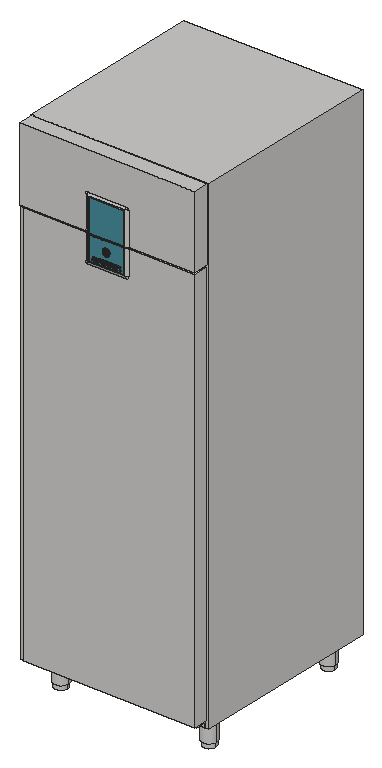
Revit family "QF_ALPENINOX_728645_CTE71FRR", category Specialty Equipment, Revit 2018
Family settings
  Round Connector Dimension = Use Diameter
  Part Type = Normal
  Work Plane-Based = No
  Always vertical = Yes
  Cut with Voids When Loaded = No
  Shared = No
  Room Calculation Point = No
Parameters
  Width [instance] = 710 mm
  Weight = 0.00 kg
  Watts = 12.0774 W
  Volts = 220 V
  URL Manufacturer = "http://www.alpeninox.com"
  URL = "http://www.alpeninox.com"
  Steam Supply Size = 0 mm
  Steam Supply Minimum Pressure = 0.0 Pa
  Steam Supply Maximum Pressure = 0.0 Pa
  Steam Pounds per Hour = 0
  Refrigeration Suction Line Size = 0 mm
  Refrigeration Liquid Line Size = 0 mm
  Refrigerant Compressor Remote = yes
  Manufacturer = "Alpeninox"
  Phase = 1
  Model = "CTE71FRR"
  Length Actual = 710 mm  # constant formula
  Item Number = "728645"
  Hot Water Size = 0 mm
  Height Actual = 2050 mm  # constant formula
  Height [instance] = 2050 mm
  HP = "0.2 HP"
  Gas Size = 0 mm
  Gas KW = 0
  Gas Input Pressure = 0 W
  Description = "1-DOOR REFRIG 670L -2/+10°C,DIGITAL,REM"
  Depth Actual = 835 mm  # constant formula
  Depth [instance] = 835 mm
  Cycle = 60 Hz
  Condensate Return Size = 0 mm
  Compressed Air Volume = 0.0 L/s
  Compressed Air Size = 0 mm
  Compressed Air Pressure = 0.0 Pa
  Cold Water Size = 0 mm
  Accessory = yes
Reference planes
  plane 1 "Center (Front/Back)": y = 0
  plane 2: z = 0
  plane 3 "Center (Left/Right)": x = 0
  plane 4 "BASE": z = 110
  plane 5 "TOP": z = 2050
  plane 6 "FRONT": y = -417.5
  plane 7 "BACK": y = 417.5
  plane 8 "LEFT": x = -355
  plane 9 "RIGHT": x = 355
Forms (mm)
  Extrusion 1, solid, material "QF_Finishes_Stainless Steel"
    sketch origin (0, 0, 0) x (1, 0, 0) y (0, 1, 0)
      loop
        circle (-278, 344.5) r 25
      loop
        circle (278, 344.5) r 25
      loop
        circle (-295, -269.5) r 25
      loop
        circle (295, -269.5) r 25
    from 0 to 20
  Extrusion 2, solid, material "QF_Finishes_Stainless Steel"
    sketch origin (0, 0, 0) x (1, 0, 0) y (0, 1, 0)
      loop
        circle (-278, 344.5) r 30
      loop
        circle (278, 344.5) r 30
      loop
        circle (295, -269.5) r 30
      loop
        circle (-295, -269.5) r 30
    from 20 to 110
  Extrusion 3, solid, material "QF_Finishes_Stainless Steel"
    sketch origin (0, 0, 110) x (-1, 0, 0) y (0, -1, 0)
      loop
        line (355, -417.5) -> (355, 345.5) -> (-355, 345.5) -> (-355, -417.5) -> (355, -417.5)
    from 0 to 1940
  Extrusion 4, solid
    sketch origin (0, 417.5, 1660) x (-1, 0, 0) y (0, 0, 1)
      loop
        circle (339, 124) r 10
    from 0 to 3.2
  Extrusion 5, solid, material "QF_Door-Drawer Clearances", detail levels coarse
    sketch origin (0, 0, 110) x (-1, 0, 0) y (0, -1, 0)
      loop
        line (-347, 409.5) -> (-283, 409.5) -> (-283, 1006.5) -> (-301, 1006.5) -> (-301, 1024.5) -> (-323, 1024.5) -> (-323, 1062.5) -> (-347, 1062.5) -> (-347, 409.5)
    from 1642.965 to 28
  Extrusion 6, solid, material "QF_Door-Drawer Clearances", detail levels coarse
    sketch origin (0, 0, 110) x (-1, 0, 0) y (0, -1, 0)
      loop
        line (-283, 409.5) -> (347, 409.5)
        arc (347, 409.5) -> (150.684, 878.295) -> (-323, 1062.5) r 650
        line (-323, 1062.5) -> (-323, 1024.5) -> (-301, 1024.5) -> (-301, 1006.5) -> (-283, 1006.5) -> (-283, 409.5)
    from 1642.965 to 28
  Extrusion 7, solid, material "QF_Clearances", detail levels coarse
    sketch origin (0, 0, 110) x (-1, 0, 0) y (0, -1, 0)
      loop
        line (355, 417.5) -> (355, -417.5) -> (-355, -417.5) -> (-355, 417.5) -> (-375, 417.5) -> (-375, -447.5) -> (375, -447.5) -> (375, 417.5) -> (355, 417.5)
    from -110 to 1940
  Extrusion 8, solid, material "QF_Clearances", detail levels coarse
    sketch origin (0, 0, 2050) x (-1, 0, 0) y (0, -1, 0)
      loop
        line (375, -447.5) -> (375, 417.5) -> (-375, 417.5) -> (-375, -447.5) -> (375, -447.5)
    from 0 to 500
  Extrusion 9, void
    sketch origin (0, 417.5, 0) x (-1, 0, 0) y (0, 0, 1)
      loop
        line (289.366, 1724.965) -> (-280, 1724.965) -> (-280, 180) -> (0, 170) -> (289.366, 180) -> (289.366, 1724.965)
    from -56 to -763
  Extrusion 10, solid, material "QF_Finishes_Stainless Steel"
    sketch origin (0, 0, 110) x (-1, 0, 0) y (0, -1, 0)
      loop
        circle (0, 254.5) r 7.938
    from 0 to -10
  Extrusion 11, solid, material "QF_Finishes_Stainless Steel"
    sketch origin (0, 0, 2050) x (-1, 0, 0) y (0, -1, 0)
      loop
        circle (245, 89.5) r 4.75
    from -33.544 to -89.131
  Extrusion 12, solid, material "QF_Finishes_Stainless Steel"
    sketch origin (539, -376, 0) x (0, -1, 0) y (0, 0, 1)
      loop
        circle (-187.5, 1960.869) r 3
    from 745 to 686.028
Cuts and joins
  joined: Extrusion 7, Extrusion 8
  Extrusion 9 cuts Extrusion 3
Lines and regions (mm)
  symbolic lines, style "SpecialityEquipmentHiddenLines"
    curve 1: line (347, -409.5, 110) -> (347, -1062.5, 110)
    curve 2: line (347, -1062.5, 110) -> (323, -1062.5, 110)
    curve 3: line (283, -409.5, 110) -> (283, -1006.5, 110)
    curve 4: line (323, -1062.5, 110) -> (323, -1024.5, 110)
    curve 5: line (323, -1024.5, 110) -> (301, -1024.5, 110)
    curve 6: line (301, -1024.5, 110) -> (301, -1006.5, 110)
    curve 7: line (301, -1006.5, 110) -> (283, -1006.5, 110)
    curve 8: arc (-347, -409.5, 110) -> (-150.684, -878.295, 110) -> (323, -1062.5, 110) r 650
  symbolic lines, style "QF_Clearances", detail levels coarse
    curve 9: line (-206, -417.5, 2050) -> (-375, -417.5, 2050)
    curve 10: line (-375, -417.5, 2050) -> (-375, 447.5, 2050)
    curve 11: line (-375, 447.5, 2050) -> (375, 447.5, 2050)
    curve 12: line (375, 447.5, 2050) -> (375, -417.5, 2050)
    curve 13: line (375, -417.5, 2050) -> (355, -417.5, 2050)
Dimensions and locks
  equal spacing: plane 7 "BACK", plane 1 "Center (Front/Back)", plane 6 "FRONT"
  equal spacing: plane 8 "LEFT", plane 3 "Center (Left/Right)", plane 9 "RIGHT"
  "Width": plane 8 "LEFT" to plane 9 "RIGHT"
  "Depth": plane 7 "BACK" to plane 6 "FRONT"
  "Height": plane 5 "TOP" to plane 2
  aligned and locked: level to plane 2
Automatic sketch dimensions
  Extrusion 3 sketch curve to plane 7 "BACK" = 0 mm
  Extrusion 3 sketch curve to plane 9 "RIGHT" = 0 mm
  Extrusion 3 sketch curve to plane 8 "LEFT" = 0 mm
  plane 8 "LEFT" to Extrusion 4 sketch curve = 16 mm
  plane 4 "BASE" to Extrusion 4 sketch curve = 1674 mm
  plane 9 "RIGHT" to curve 1 = 8 mm
  curve 1 to curve 2 = 24 mm
  plane 6 "FRONT" to curve 8 = 4.692 mm
  curve 7 to plane 6 "FRONT" = 589 mm
  curve 6 to curve 5 = 18 mm
  curve 4 to curve 2 = 38 mm
  plane 6 "FRONT" to curve 8 = 8 mm
  plane 6 "FRONT" to curve 1 = 8 mm
  plane 6 "FRONT" to curve 3 = 8 mm
  plane 9 "RIGHT" to Extrusion 5 sketch curve = 8 mm
  Extrusion 5 sketch curve to plane 6 "FRONT" = 589 mm
  Extrusion 5 sketch curve to Extrusion 5 sketch curve = 18 mm
  Extrusion 5 sketch curve to Extrusion 5 sketch curve = 38 mm
  plane 6 "FRONT" to Extrusion 5 sketch curve = 8 mm
  plane 6 "FRONT" to Extrusion 6 sketch curve = 4.692 mm
  Extrusion 6 sketch curve to Extrusion 6 sketch curve = 18 mm  (x2)
  Extrusion 6 sketch curve to Extrusion 6 sketch curve = 38 mm
  plane 8 "LEFT" to Extrusion 6 sketch curve = 8 mm
  plane 6 "FRONT" to Extrusion 6 sketch curve = 8 mm
  Extrusion 7 sketch curve to plane 6 "FRONT" = 0 mm  (x2)
  Extrusion 7 sketch curve to plane 7 "BACK" = 0 mm
  Extrusion 7 sketch curve to plane 9 "RIGHT" = 0 mm
  Extrusion 7 sketch curve to plane 8 "LEFT" = 0 mm
  Extrusion 7 sketch curve to plane 9 "RIGHT" = 20 mm
  Extrusion 7 sketch curve to plane 8 "LEFT" = 20 mm
  plane 7 "BACK" to Extrusion 7 sketch curve = 30 mm
  Extrusion 8 sketch curve to plane 6 "FRONT" = 0 mm
  Extrusion 8 sketch curve to plane 9 "RIGHT" = 20 mm
  Extrusion 8 sketch curve to plane 8 "LEFT" = 20 mm
  plane 7 "BACK" to Extrusion 8 sketch curve = 30 mm
  plane 8 "LEFT" to Extrusion 1 sketch curve = 60 mm
  plane 8 "LEFT" to Extrusion 1 sketch curve = 77 mm
  plane 9 "RIGHT" to Extrusion 1 sketch curve = 77 mm
  plane 9 "RIGHT" to Extrusion 1 sketch curve = 60 mm
  plane 6 "FRONT" to Extrusion 1 sketch curve = 148 mm  (x2)
  Extrusion 1 sketch curve to plane 7 "BACK" = 73 mm  (x2)
  plane 8 "LEFT" to Extrusion 2 sketch curve = 60 mm
  plane 8 "LEFT" to Extrusion 2 sketch curve = 77 mm
  plane 9 "RIGHT" to Extrusion 2 sketch curve = 77 mm
  plane 9 "RIGHT" to Extrusion 2 sketch curve = 60 mm
  plane 6 "FRONT" to Extrusion 2 sketch curve = 148 mm  (x2)
  Extrusion 2 sketch curve to plane 7 "BACK" = 73 mm  (x2)
  plane 6 "FRONT" to Extrusion 3 sketch curve = 72 mm
  curve 1 to curve 8 = 44.008 mm
  curve 4 to curve 5 = 22 mm
  curve 6 to curve 3 = 18 mm
  plane 9 "RIGHT" to Extrusion 5 sketch curve = 32 mm
  Extrusion 5 sketch curve to Extrusion 5 sketch curve = 22 mm
  Extrusion 5 sketch curve to Extrusion 5 sketch curve = 64 mm
  plane 9 "RIGHT" to Extrusion 6 sketch curve = 72 mm
  Extrusion 6 sketch curve to Extrusion 6 sketch curve = 19.992 mm
  Extrusion 6 sketch curve to Extrusion 6 sketch curve = 22 mm
  Extrusion 9 sketch curve to plane 3 "Center (Left/Right)" = 0 mm
  plane 8 "LEFT" to Extrusion 9 sketch curve = 65.634 mm
  plane 4 "BASE" to Extrusion 9 sketch curve = 60 mm
  Extrusion 9 sketch curve to plane 5 "TOP" = 325.035 mm
  plane 9 "RIGHT" to Extrusion 9 sketch curve = 75 mm
  plane 4 "BASE" to Extrusion 9 sketch curve = 70 mm  (x2)
  Extrusion 10 sketch curve to plane 3 "Center (Left/Right)" = 0 mm
  plane 6 "FRONT" to Extrusion 10 sketch curve = 163 mm
  plane 8 "LEFT" to Extrusion 11 sketch curve = 110 mm
  plane 1 "Center (Front/Back)" to Extrusion 11 sketch curve = 89.5 mm
  Extrusion 12 sketch curve to plane 5 "TOP" = 89.131 mm
  plane 1 "Center (Front/Back)" to Extrusion 12 sketch curve = 188.5 mm
  curve 12 to plane 6 "FRONT" = 0 mm
  curve 13 to plane 9 "RIGHT" = 0 mm
  curve 9 to plane 6 "FRONT" = 0 mm
  plane 8 "LEFT" to curve 9 = 149 mm
  curve 12 to plane 9 "RIGHT" = 20 mm
  curve 9 to curve 10 = 169 mm
  plane 7 "BACK" to curve 10 = 30 mm
  radius of Extrusion 1 sketch curve = 25 mm  (x4)
  radius of Extrusion 2 sketch curve = 30 mm  (x4)
  radius of Extrusion 4 sketch curve = 10 mm
  radius of Extrusion 10 sketch curve = 7.938 mm
  radius of Extrusion 11 sketch curve = 4.75 mm
  radius of Extrusion 12 sketch curve = 3 mm
Nested families
  nested 1: "QF_728645_DoorLeft" at (0, -345.5, 968.365) x (1, 0, 0) z (0, -1, 0), type "QF_728645_DoorLeft"
    with Show Clearance yes
  nested 2: "Refrigerator" at (355, -417.5, 2050), type "Refrigerator"
Connectors
  electrical at (-339, 420.7, 1784), driven by "Volts"
    settings: on Extrusion 4, index 2, voltage 220 V, apparent load 0 VA, apparent load phase1 0 VA, apparent load phase2 0 VA, apparent load phase3 0 VA, power factor 1, load classification "Other", number of poles 1, system type 30, power factor state 1, is connector primary yes, connector utility no, sub classification motor no, connector description "Electrical Connection"
  piping at (0, -254.5, 100), diameter 15.875
    settings: on Extrusion 10, index 3, connector inside diameter 609.6 mm, connector length 0 mm, flow factor 0, pipe flow 0.0 L/s, pressure drop 0.0 Pa, fitting loss kfactor 0, connector angle 0.00°, fixture units 0, engagement length 0 mm, angle of deflection 0.00°, flow configuration 1, flow direction 2, fitting loss method 0, system type 16, joint type 0, gender type 0, connector reference index -1, connector utility 0, adjustable connector no, is connector primary yes, connector description "Drain"
  piping at (-245, -89.5, 2016.456), diameter 9.5
    settings: on Extrusion 11, index 4, connector inside diameter 609.6 mm, connector length 0 mm, flow factor 0, pipe flow 0.0 L/s, pressure drop 0.0 Pa, fitting loss kfactor 0, connector angle 0.00°, fixture units 0, engagement length 0 mm, angle of deflection 0.00°, flow configuration 1, flow direction 2, fitting loss method 0, system type 8, joint type 0, gender type 0, connector reference index -1, connector utility 0, adjustable connector no, is connector primary no, connector description "Refrigerant Outlet"
  piping at (-206, -188.5, 1960.869), diameter 6
    settings: on Extrusion 12, index 5, connector inside diameter 609.6 mm, connector length 0 mm, flow factor 0, pipe flow 0.0 L/s, pressure drop 0.0 Pa, fitting loss kfactor 0, connector angle 0.00°, fixture units 0, engagement length 0 mm, angle of deflection 0.00°, flow configuration 1, flow direction 1, fitting loss method 0, system type 7, joint type 0, gender type 0, connector reference index -1, connector utility 0, adjustable connector no, is connector primary no, connector description "Refrigerant Inlet"
Definition of nested family "QF_728645_DoorLeft"
  Parameters
    Show Clearance [instance] = yes
    Model = "728646"
    Default Elevation = 1219.2 mm
  Reference planes
    plane 1 "Center (Front/Back)": y = 0
    plane 2: z = 0
    plane 3 "Center (Left/Right)": x = 0
  Forms (mm)
    Extrusion 1, solid
      sketch origin (0, -919.2, 0) x (1, 0, 0) y (0, 1, 0)
        loop
          line (-460, 2119.2) -> (-460, -162.846) -> (488.967, -162.846) -> (488.967, 2119.2) -> (-460, 2119.2)
      from 0 to -59.546
    Extrusion 2, solid
      sketch origin (0, 0, 0) x (1, 0, 0) y (0, 0, 1)
        loop
          line (-347, 64) -> (-347, 0) -> (347, 0) -> (347, 64) -> (-347, 64)
      from -1081.6 to -791.6
    Extrusion 3, solid
      sketch origin (0, 0, 0) x (1, 0, 0) y (0, 0, 1)
        loop
          line (-347, 60) -> (-347, 26) -> (-325, 26) -> (-325, 8) -> (-307, 8) -> (-307, 0) -> (339, 0) -> (339, 8) -> (347, 8) -> (347, 64) -> (-332, 64) -> (-347, 60)
      from -784.6 to 830.4
    Extrusion 4, solid
      sketch origin (119, -516.365, 0) x (0, 1, 0) y (0, 0, 1)
        loop
          line (-323.003, 40.312) -> (-316.501, 40.312) -> (-316.501, 42.812) -> (-325.503, 42.812) -> (-325.503, 2.5) -> (-342, 2.5) -> (-342, 0) -> (-323.003, 0) -> (-323.003, 12.259) -> (-323.003, 40.312)
        loop
          line (-314, 38.311) -> (-316.501, 38.311) -> (-316.501, 14.304) -> (-319.752, 14.304) -> (-319.752, 11.804) -> (-314, 11.804) -> (-314, 38.311)
      from 185 to 220
    Extrusion 5, solid
      sketch origin (119, 469.597, 0) x (0, 1, 0) y (0, 0, 1)
        loop
          line (315.003, 27.948) -> (315.003, 2.948) -> (315.003, 0) -> (322.003, 0) -> (322.003, 2.5) -> (317.503, 2.5) -> (317.503, 27.948) -> (315.003, 27.948)
      from 185 to 220
  Lines and regions (mm)
    symbolic lines
      curve 1: line (-347, 0, 64) -> (347, 0, 64)
      curve 2: line (-347, 0, 0) -> (-347, 0, 64)
      curve 3: line (347, 0, 0) -> (-347, 0, 0)
      curve 4: line (347, 0, 64) -> (347, 0, 0)
      curve 5: line (-347, 0, 26) -> (-325, 0, 26)
      curve 6: line (-325, 0, 26) -> (-325, 0, 8)
      curve 7: line (-325, 0, 8) -> (-307, 0, 8)
      curve 8: line (-307, 0, 8) -> (-307, 0, 0)
      curve 9: line (339, 0, 8) -> (347, 0, 8)
      curve 10: line (339, 0, 8) -> (339, 0, 0)
  Dimensions and locks
    aligned and locked: plane 2 to Extrusion 1
    aligned and locked: level to Extrusion 1
  Nested families
    nested 1: "QF_DisplayPremiumCabinets" at (0, 803.6, 64), type "QF_DisplayPremiumCabinets"
      with Show Clearance yes
  Definition of nested family "QF_DisplayPremiumCabinets"
    Parameters
      Show Clearance [instance] = yes
      Model = "728658"
      Default Elevation = 1219.2 mm
    Reference planes
      plane 1 "Center (Front/Back)": y = 0
      plane 2: z = 0
      plane 3 "Center (Left/Right)": x = 0
    Forms (mm)
      Extrusion 1, solid
        sketch origin (0, -919.2, 0) x (1, 0, 0) y (0, 1, 0)
          loop
            line (-980.5, 2119.2) -> (-980.5, -162.846) -> (881.94, -162.846) -> (881.94, 2119.2) -> (-980.5, 2119.2)
        from 0 to -59.546
      Extrusion 2, solid
        sketch origin (0, 0, 0) x (1, 0, 0) y (0, 1, 0)
          loop
            circle (0.611, -59) r 14
        from 5 to 7
      Extrusion 3, solid
        sketch origin (365.5, -803.635, 0) x (1, 0, 0) y (0, 1, 0)
          loop
            circle (-364.889, 744.635) r 10
          loop
            circle (-364.889, 744.635) r 9
        from 5 to 8
      Extrusion 4, solid
        sketch origin (365.5, -803.635, 0) x (1, 0, 0) y (0, 1, 0)
          loop
            circle (-364.889, 744.635) r 8.7
        from 5 to 8
      Extrusion 5, void
        sketch origin (365.5, -803.635, 0) x (1, 0, 0) y (0, 1, 0)
          loop
            line (-372.339, 745.885) -> (-372.339, 743.385) -> (-362.339, 743.385) -> (-362.339, 745.885) -> (-372.339, 745.885)
        from 8.592 to 6.269
      Extrusion 6, solid
        sketch origin (365.5, -803.635, 0) x (1, 0, 0) y (0, 1, 0)
          loop
            line (-418.204, 710.82) -> (-422.5, 699.285)
            arc (-422.5, 699.285) -> (-421.595, 697.191) -> (-419.54, 698.183) r 1.58
            line (-419.54, 698.183) -> (-418.886, 700.197) -> (-412.943, 700.197) -> (-412.298, 698.204)
            arc (-412.298, 698.204) -> (-410.299, 697.242) -> (-409.434, 699.285) r 1.533
            line (-409.434, 699.285) -> (-413.626, 710.82)
            arc (-413.626, 710.82) -> (-415.915, 712.577) -> (-418.204, 710.82) r 2.37
          loop
            line (-415.911, 709.332) -> (-417.967, 703.122) -> (-413.902, 703.122) -> (-415.911, 709.332)
          loop
            arc (-407.888, 698.967) -> (-407.379, 697.738) -> (-406.15, 697.229) r 1.738
            line (-406.15, 697.229) -> (-400.877, 697.229)
            arc (-400.877, 697.229) -> (-399.415, 698.692) -> (-400.877, 700.154) r 1.462
            line (-400.877, 700.154) -> (-404.682, 700.154) -> (-404.682, 710.796)
            arc (-404.682, 710.796) -> (-406.285, 712.4) -> (-407.888, 710.796) r 1.603
            line (-407.888, 710.796) -> (-407.888, 698.967)
          loop
            line (-397.965, 710.67) -> (-397.965, 698.756)
            arc (-397.965, 698.756) -> (-396.363, 697.154) -> (-394.761, 698.756) r 1.602
            line (-394.761, 698.756) -> (-394.761, 702.233) -> (-392.386, 702.233)
            arc (-392.386, 702.233) -> (-388.677, 703.356) -> (-387.076, 706.886) r 4.694
            arc (-387.076, 706.886) -> (-388.669, 710.731) -> (-392.514, 712.324) r 5.438
            line (-392.514, 712.324) -> (-396.311, 712.324)
            arc (-396.311, 712.324) -> (-397.48, 711.84) -> (-397.965, 710.67) r 1.654
          loop
            line (-394.761, 705.029) -> (-392.573, 705.029)
            arc (-392.573, 705.029) -> (-390.326, 707.277) -> (-392.573, 709.525) r 2.248
            line (-392.573, 709.525) -> (-394.761, 709.525) -> (-394.761, 705.029)
          loop
            arc (-375.089, 706.2) -> (-376.032, 708.349) -> (-378.059, 709.531) r 3.795
            arc (-378.059, 709.531) -> (-381.033, 708.879) -> (-382.48, 706.2) r 3.653
            line (-382.48, 706.2) -> (-375.089, 706.2)
          loop
            line (-382.396, 703.223) -> (-374.353, 703.223)
            arc (-374.353, 703.223) -> (-372.913, 703.422) -> (-371.773, 704.325) r 2.761
            arc (-371.773, 704.325) -> (-371.606, 705.295) -> (-371.671, 706.278) r 4.18
            arc (-371.671, 706.278) -> (-374.146, 710.605) -> (-378.775, 712.454) r 7.566
            arc (-378.775, 712.454) -> (-383.983, 710.081) -> (-385.987, 704.72) r 7.477
            arc (-385.987, 704.72) -> (-384.394, 699.826) -> (-379.939, 697.251) r 7.19
            arc (-379.939, 697.251) -> (-377.087, 697.224) -> (-374.353, 698.036) r 9.615
            arc (-374.353, 698.036) -> (-373.113, 698.668) -> (-372.164, 699.685) r 4.009
            arc (-372.164, 699.685) -> (-371.909, 700.749) -> (-372.38, 701.737) r 1.639
            arc (-372.38, 701.737) -> (-373, 702.095) -> (-373.716, 702.095) r 1.384
            arc (-373.716, 702.095) -> (-374.195, 701.897) -> (-374.605, 701.582) r 1.982
            arc (-374.605, 701.582) -> (-375.643, 700.879) -> (-376.77, 700.332) r 8.74
            arc (-376.77, 700.332) -> (-380.254, 700.472) -> (-382.396, 703.223) r 4.14
          loop
            line (-369.897, 710.796) -> (-369.897, 698.757)
            arc (-369.897, 698.757) -> (-368.292, 697.152) -> (-366.687, 698.757) r 1.605
            line (-366.687, 698.757) -> (-366.687, 706.721) -> (-359.865, 697.802)
            arc (-359.865, 697.802) -> (-358.042, 697.206) -> (-356.913, 698.757) r 1.63
            line (-356.913, 698.757) -> (-356.913, 710.796)
            arc (-356.913, 710.796) -> (-358.518, 712.401) -> (-360.122, 710.796) r 1.604
            line (-360.122, 710.796) -> (-360.122, 702.727) -> (-366.943, 711.749)
            arc (-366.943, 711.749) -> (-368.767, 712.348) -> (-369.897, 710.796) r 1.63
          loop
            arc (-354.908, 698.757) -> (-353.305, 697.153) -> (-351.701, 698.757) r 1.604
            line (-351.701, 698.757) -> (-351.701, 710.796)
            arc (-351.701, 710.796) -> (-353.305, 712.4) -> (-354.908, 710.796) r 1.604
            line (-354.908, 710.796) -> (-354.908, 698.757)
          loop
            line (-349.694, 710.796) -> (-349.694, 698.757)
            arc (-349.694, 698.757) -> (-348.089, 697.152) -> (-346.484, 698.757) r 1.605
            line (-346.484, 698.757) -> (-346.484, 706.721) -> (-339.663, 697.802)
            arc (-339.663, 697.802) -> (-337.84, 697.206) -> (-336.711, 698.757) r 1.63
            line (-336.711, 698.757) -> (-336.711, 710.796)
            arc (-336.711, 710.796) -> (-338.315, 712.401) -> (-339.92, 710.796) r 1.604
            line (-339.92, 710.796) -> (-339.92, 702.727) -> (-346.741, 711.749)
            arc (-346.741, 711.749) -> (-348.564, 712.348) -> (-349.694, 710.796) r 1.63
          loop
            arc (-335.024, 704.776) -> (-334.19, 701.077) -> (-331.714, 698.205) r 7.827
            arc (-331.714, 698.205) -> (-329.788, 697.27) -> (-327.668, 696.976) r 6.849
            arc (-327.668, 696.976) -> (-325.547, 697.27) -> (-323.622, 698.205) r 6.849
            arc (-323.622, 698.205) -> (-321.146, 701.077) -> (-320.311, 704.776) r 7.827
            arc (-320.311, 704.776) -> (-321.146, 708.475) -> (-323.622, 711.348) r 7.827
            arc (-323.622, 711.348) -> (-325.547, 712.283) -> (-327.668, 712.577) r 6.849
            arc (-327.668, 712.577) -> (-329.788, 712.283) -> (-331.714, 711.348) r 6.849
            arc (-331.714, 711.348) -> (-334.19, 708.475) -> (-335.024, 704.776) r 7.827
          loop
            arc (-331.666, 704.776) -> (-331.336, 702.613) -> (-330.121, 700.793) r 5.045
            arc (-330.121, 700.793) -> (-328.977, 700.125) -> (-327.668, 699.932) r 3.49
            arc (-327.668, 699.932) -> (-326.358, 700.125) -> (-325.215, 700.793) r 3.49
            arc (-325.215, 700.793) -> (-324, 702.613) -> (-323.67, 704.776) r 5.045
            arc (-323.67, 704.776) -> (-324, 706.94) -> (-325.215, 708.76) r 5.045
            arc (-325.215, 708.76) -> (-326.358, 709.427) -> (-327.668, 709.621) r 3.49
            arc (-327.668, 709.621) -> (-328.977, 709.427) -> (-330.121, 708.76) r 3.49
            arc (-330.121, 708.76) -> (-331.336, 706.94) -> (-331.666, 704.776) r 5.045
          loop
            line (-319.496, 709.97) -> (-316.031, 705.304) -> (-320.268, 699.668)
            arc (-320.268, 699.668) -> (-319.925, 697.415) -> (-317.679, 697.802) r 1.596
            line (-317.679, 697.802) -> (-314.173, 702.636) -> (-310.666, 697.802)
            arc (-310.666, 697.802) -> (-308.42, 697.415) -> (-308.077, 699.668) r 1.596
            line (-308.077, 699.668) -> (-312.314, 705.304) -> (-308.849, 709.97)
            arc (-308.849, 709.97) -> (-309.272, 712.256) -> (-311.521, 711.666) r 1.587
            line (-311.521, 711.666) -> (-314.173, 707.936) -> (-316.824, 711.666)
            arc (-316.824, 711.666) -> (-319.073, 712.256) -> (-319.496, 709.97) r 1.587
        from 3 to 5.5
      Extrusion 7, void
        sketch origin (365.5, -803.635, 0) x (1, 0, 0) y (0, 1, 0)
          loop
            line (-418.204, 710.82) -> (-422.5, 699.285)
            arc (-422.5, 699.285) -> (-421.595, 697.191) -> (-419.54, 698.183) r 1.58
            line (-419.54, 698.183) -> (-418.886, 700.197) -> (-412.943, 700.197) -> (-412.298, 698.204)
            arc (-412.298, 698.204) -> (-410.299, 697.242) -> (-409.434, 699.285) r 1.533
            line (-409.434, 699.285) -> (-413.626, 710.82)
            arc (-413.626, 710.82) -> (-415.915, 712.577) -> (-418.204, 710.82) r 2.37
          loop
            line (-415.911, 709.332) -> (-417.967, 703.122) -> (-413.902, 703.122) -> (-415.911, 709.332)
          loop
            arc (-407.888, 698.967) -> (-407.379, 697.738) -> (-406.15, 697.229) r 1.738
            line (-406.15, 697.229) -> (-400.877, 697.229)
            arc (-400.877, 697.229) -> (-399.415, 698.692) -> (-400.877, 700.154) r 1.462
            line (-400.877, 700.154) -> (-404.682, 700.154) -> (-404.682, 710.796)
            arc (-404.682, 710.796) -> (-406.285, 712.4) -> (-407.888, 710.796) r 1.603
            line (-407.888, 710.796) -> (-407.888, 698.967)
          loop
            line (-397.965, 710.67) -> (-397.965, 698.756)
            arc (-397.965, 698.756) -> (-396.363, 697.154) -> (-394.761, 698.756) r 1.602
            line (-394.761, 698.756) -> (-394.761, 702.233) -> (-392.386, 702.233)
            arc (-392.386, 702.233) -> (-388.677, 703.356) -> (-387.076, 706.886) r 4.694
            arc (-387.076, 706.886) -> (-388.669, 710.731) -> (-392.514, 712.324) r 5.438
            line (-392.514, 712.324) -> (-396.311, 712.324)
            arc (-396.311, 712.324) -> (-397.48, 711.84) -> (-397.965, 710.67) r 1.654
          loop
            line (-394.761, 705.029) -> (-392.573, 705.029)
            arc (-392.573, 705.029) -> (-390.326, 707.277) -> (-392.573, 709.525) r 2.248
            line (-392.573, 709.525) -> (-394.761, 709.525) -> (-394.761, 705.029)
          loop
            arc (-375.089, 706.2) -> (-376.032, 708.349) -> (-378.059, 709.531) r 3.795
            arc (-378.059, 709.531) -> (-381.033, 708.879) -> (-382.48, 706.2) r 3.653
            line (-382.48, 706.2) -> (-375.089, 706.2)
          loop
            line (-382.396, 703.223) -> (-374.353, 703.223)
            arc (-374.353, 703.223) -> (-372.913, 703.422) -> (-371.773, 704.325) r 2.761
            arc (-371.773, 704.325) -> (-371.606, 705.295) -> (-371.671, 706.278) r 4.18
            arc (-371.671, 706.278) -> (-374.146, 710.605) -> (-378.775, 712.454) r 7.566
            arc (-378.775, 712.454) -> (-383.983, 710.081) -> (-385.987, 704.72) r 7.477
            arc (-385.987, 704.72) -> (-384.394, 699.826) -> (-379.939, 697.251) r 7.19
            arc (-379.939, 697.251) -> (-377.087, 697.224) -> (-374.353, 698.036) r 9.615
            arc (-374.353, 698.036) -> (-373.113, 698.668) -> (-372.164, 699.685) r 4.009
            arc (-372.164, 699.685) -> (-371.909, 700.749) -> (-372.38, 701.737) r 1.639
            arc (-372.38, 701.737) -> (-373, 702.095) -> (-373.716, 702.095) r 1.384
            arc (-373.716, 702.095) -> (-374.195, 701.897) -> (-374.605, 701.582) r 1.982
            arc (-374.605, 701.582) -> (-375.643, 700.879) -> (-376.77, 700.332) r 8.74
            arc (-376.77, 700.332) -> (-380.254, 700.472) -> (-382.396, 703.223) r 4.14
          loop
            line (-369.897, 710.796) -> (-369.897, 698.757)
            arc (-369.897, 698.757) -> (-367.553, 696.412) -> (-365.208, 698.757) r 2.344
            line (-365.208, 698.757) -> (-365.208, 704.788) -> (-359.865, 697.802)
            arc (-359.865, 697.802) -> (-358.042, 697.206) -> (-356.913, 698.757) r 1.63
            line (-356.913, 698.757) -> (-356.913, 710.796)
            arc (-356.913, 710.796) -> (-358.518, 712.401) -> (-360.122, 710.796) r 1.604
            line (-360.122, 710.796) -> (-360.122, 702.727) -> (-366.943, 711.749)
            arc (-366.943, 711.749) -> (-368.767, 712.348) -> (-369.897, 710.796) r 1.63
          loop
            arc (-354.908, 698.757) -> (-353.305, 697.153) -> (-351.701, 698.757) r 1.604
            line (-351.701, 698.757) -> (-351.701, 710.796)
            arc (-351.701, 710.796) -> (-353.305, 712.4) -> (-354.908, 710.796) r 1.604
            line (-354.908, 710.796) -> (-354.908, 698.757)
          loop
            line (-349.694, 710.796) -> (-349.694, 698.757)
            arc (-349.694, 698.757) -> (-348.089, 697.152) -> (-346.484, 698.757) r 1.605
            line (-346.484, 698.757) -> (-346.484, 706.721) -> (-339.663, 697.802)
            arc (-339.663, 697.802) -> (-337.84, 697.206) -> (-336.711, 698.757) r 1.63
            line (-336.711, 698.757) -> (-336.711, 710.796)
            arc (-336.711, 710.796) -> (-338.315, 712.401) -> (-339.92, 710.796) r 1.604
            line (-339.92, 710.796) -> (-339.92, 702.727) -> (-346.741, 711.749)
            arc (-346.741, 711.749) -> (-348.564, 712.348) -> (-349.694, 710.796) r 1.63
          loop
            arc (-335.024, 704.776) -> (-334.19, 701.077) -> (-331.714, 698.205) r 7.827
            arc (-331.714, 698.205) -> (-329.788, 697.27) -> (-327.668, 696.976) r 6.849
            arc (-327.668, 696.976) -> (-325.547, 697.27) -> (-323.622, 698.205) r 6.849
            arc (-323.622, 698.205) -> (-321.146, 701.077) -> (-320.311, 704.776) r 7.827
            arc (-320.311, 704.776) -> (-321.146, 708.475) -> (-323.622, 711.348) r 7.827
            arc (-323.622, 711.348) -> (-325.547, 712.283) -> (-327.668, 712.577) r 6.849
            arc (-327.668, 712.577) -> (-329.788, 712.283) -> (-331.714, 711.348) r 6.849
            arc (-331.714, 711.348) -> (-334.19, 708.475) -> (-335.024, 704.776) r 7.827
          loop
            arc (-331.666, 704.776) -> (-331.336, 702.613) -> (-330.121, 700.793) r 5.045
            arc (-330.121, 700.793) -> (-328.977, 700.125) -> (-327.668, 699.932) r 3.49
            arc (-327.668, 699.932) -> (-326.358, 700.125) -> (-325.215, 700.793) r 3.49
            arc (-325.215, 700.793) -> (-324, 702.613) -> (-323.67, 704.776) r 5.045
            arc (-323.67, 704.776) -> (-324, 706.94) -> (-325.215, 708.76) r 5.045
            arc (-325.215, 708.76) -> (-326.358, 709.427) -> (-327.668, 709.621) r 3.49
            arc (-327.668, 709.621) -> (-328.977, 709.427) -> (-330.121, 708.76) r 3.49
            arc (-330.121, 708.76) -> (-331.336, 706.94) -> (-331.666, 704.776) r 5.045
          loop
            line (-319.496, 709.97) -> (-316.031, 705.304) -> (-320.268, 699.668)
            arc (-320.268, 699.668) -> (-319.925, 697.415) -> (-317.679, 697.802) r 1.596
            line (-317.679, 697.802) -> (-314.173, 702.636) -> (-310.666, 697.802)
            arc (-310.666, 697.802) -> (-308.42, 697.415) -> (-308.077, 699.668) r 1.596
            line (-308.077, 699.668) -> (-312.314, 705.304) -> (-308.849, 709.97)
            arc (-308.849, 709.97) -> (-309.272, 712.256) -> (-311.521, 711.666) r 1.587
            line (-311.521, 711.666) -> (-314.173, 707.936) -> (-316.824, 711.666)
            arc (-316.824, 711.666) -> (-319.073, 712.256) -> (-319.496, 709.97) r 1.587
        from 4.6 to 2.987
      Blend 8, solid
        base sketch origin (365.5, -803.635, 0) x (1, 0, 0) y (0, 1, 0)
          loop
            line (-439.797, 784.635) -> (-439.797, 685.635) -> (-291.203, 685.635) -> (-291.203, 784.635) -> (-296.203, 784.635) -> (-296.203, 690.635) -> (-434.797, 690.635) -> (-434.797, 784.635) -> (-439.797, 784.635)
        top sketch origin (365.5, -803.635, 0) x (1, 0, 0) y (0, 1, 0)
          loop
            line (-449.797, 784.635) -> (-449.797, 683.635)
            arc (-449.797, 683.635) -> (-447.454, 677.978) -> (-441.797, 675.635) r 8
            line (-441.797, 675.635) -> (-289.203, 675.635)
            arc (-289.203, 675.635) -> (-283.546, 677.978) -> (-281.203, 683.635) r 8
            line (-281.203, 683.635) -> (-281.203, 784.635) -> (-296.203, 784.635) -> (-296.203, 690.635) -> (-434.797, 690.635) -> (-434.797, 784.635) -> (-449.797, 784.635)
        from 5 to 0
      Blend 9, solid
        base sketch origin (365.5, -803.635, 0) x (1, 0, 0) y (0, 1, 0)
          loop
            line (-434.797, 791.635) -> (-434.797, 916.635) -> (-296.203, 916.635) -> (-296.203, 791.635) -> (-291.203, 791.635) -> (-291.203, 921.635) -> (-439.797, 921.635) -> (-439.797, 791.635) -> (-434.797, 791.635)
        top sketch origin (365.5, -803.635, 0) x (1, 0, 0) y (0, 1, 0)
          loop
            line (-281.203, 791.635) -> (-281.203, 923.635)
            arc (-281.203, 923.635) -> (-283.546, 929.291) -> (-289.203, 931.635) r 8
            line (-289.203, 931.635) -> (-441.797, 931.635)
            arc (-441.797, 931.635) -> (-447.454, 929.291) -> (-449.797, 923.635) r 8
            line (-449.797, 923.635) -> (-449.797, 791.635) -> (-434.797, 791.635) -> (-434.797, 916.635) -> (-296.203, 916.635) -> (-296.203, 791.635) -> (-281.203, 791.635)
        from 5 to 0
      Extrusion 10, solid
        sketch origin (365.5, -803.635, 0) x (1, 0, 0) y (0, 1, 0)
          loop
            line (-372.339, 745.885) -> (-372.339, 743.385) -> (-362.339, 743.385) -> (-362.339, 745.885) -> (-372.339, 745.885)
        from 6 to 8
      Extrusion 11, solid
        sketch origin (0, 0, 0) x (1, 0, 0) y (0, 1, 0)
          loop
            line (-69.297, -12) -> (69.297, -12) -> (69.297, 113) -> (-69.297, 113) -> (-69.297, -12)
        from 0 to 5
      Extrusion 12, solid
        sketch origin (0, 0, 0) x (1, 0, 0) y (0, 1, 0)
          loop
            line (-69.297, -19) -> (-69.297, -113) -> (69.297, -113) -> (69.297, -19) -> (-69.297, -19)
        from 0 to 5
    Cuts and joins
      Extrusion 5 cuts Extrusion 4
      Extrusion 7 cuts Extrusion 6
    Lines and regions (mm)
      Split face 1
        outline origin (0, 0, 5) x (1, 0, 0) y (0, 1, 0)
          loop
            line (-58.5, -19) -> (-58.5, -32)
            arc (-58.5, -32) -> (-57.036, -35.536) -> (-53.5, -37) r 5
            line (-53.5, -37) -> (53.5, -37)
            arc (53.5, -37) -> (57.036, -35.536) -> (58.5, -32) r 5
            line (58.5, -32) -> (58.5, -19)
      Split face 2
        outline origin (0, 0, 5) x (1, 0, 0) y (0, 1, 0)
          loop
            line (58.5, -12) -> (58.5, 83.035)
            arc (58.5, 83.035) -> (57.036, 86.57) -> (53.5, 88.035) r 5
            line (53.5, 88.035) -> (-53.5, 88.035)
            arc (-53.5, 88.035) -> (-57.036, 86.57) -> (-58.5, 83.035) r 5
            line (-58.5, 83.035) -> (-58.5, -12)
      symbolic lines
        curve 1: line (10.611, 0, 8) -> (-9.389, 0, 8)
        curve 2: line (-84.297, 0, 0) -> (-74.297, 0, 5)
        curve 3: line (-74.297, 0, 5) -> (74.297, 0, 5)
        curve 4: line (74.297, 0, 5) -> (84.297, 0, 0)
        curve 5: line (-13.389, 0, 5) -> (-13.389, 0, 7)
        curve 6: line (-13.389, 0, 7) -> (14.611, 0, 7)
        curve 7: line (14.611, 0, 7) -> (14.611, 0, 5)
        curve 8: line (10.611, 0, 7) -> (10.611, 0, 8)
        curve 9: line (-9.389, 0, 7) -> (-9.389, 0, 8)
    Dimensions and locks
      aligned and locked: plane 2 to Extrusion 1
      aligned and locked: level to Extrusion 1
Definition of nested family "Refrigerator"
  Reference planes
    plane 1 "Center (Front/Back)": y = 0
    plane 2: z = 0
    plane 3 "Center (Left/Right)": x = 0
  Lines and regions (mm)
    detail lines, in view "Ref. Level"
      curve 1: spline (-500, 190, 0) -> (-493.185, 166.706, 0) -> (-473.205, 145, 0) -> (-441.421, 126.36, 0) -> (-400, 112.058, 0) -> (-351.764, 103.067, 0) -> (-300, 100, 0) -> (-248.236, 103.067, 0) -> (-200, 112.058, 0) -> (-158.579, 126.36, 0) -> (-126.795, 145, 0) -> (-106.815, 166.706, 0) -> (-100, 190, 0) -> (-106.815, 213.294, 0) -> (-126.795, 235, 0) -> (-158.579, 253.64, 0) -> (-200, 267.942, 0) -> (-248.236, 276.933, 0) -> (-300, 280, 0) -> (-351.764, 276.933, 0) -> (-400, 267.942, 0) -> (-441.421, 253.64, 0) -> (-473.205, 235, 0) -> (-493.185, 213.294, 0) -> (-500, 190, 0)
      curve 2: line (-300, 130, 0) -> (-300, 250, 0)
      curve 3: line (-351.962, 220, 0) -> (-248.038, 160, 0)
      curve 4: line (-351.962, 160, 0) -> (-248.038, 220, 0)
      curve 5: line (-280.884, 246.873, 0) -> (-300, 225, 0)
      curve 6: line (-300, 225, 0) -> (-319.116, 246.873, 0)
      curve 7: line (-330.311, 207.5, 0) -> (-339.696, 234.992, 0)
      curve 8: line (-358.812, 201.882, 0) -> (-330.311, 207.5, 0)
      curve 9: line (-330.311, 172.5, 0) -> (-358.812, 178.118, 0)
      curve 10: line (-339.696, 145.008, 0) -> (-330.311, 172.5, 0)
      curve 11: line (-300, 155, 0) -> (-319.116, 133.127, 0)
      curve 12: line (-280.884, 133.127, 0) -> (-300, 155, 0)
      curve 13: line (-269.689, 172.5, 0) -> (-260.304, 145.008, 0)
      curve 14: line (-241.188, 178.118, 0) -> (-269.689, 172.5, 0)
      curve 15: line (-269.689, 207.5, 0) -> (-241.188, 201.882, 0)
      curve 16: line (-260.304, 234.992, 0) -> (-269.689, 207.5, 0)
